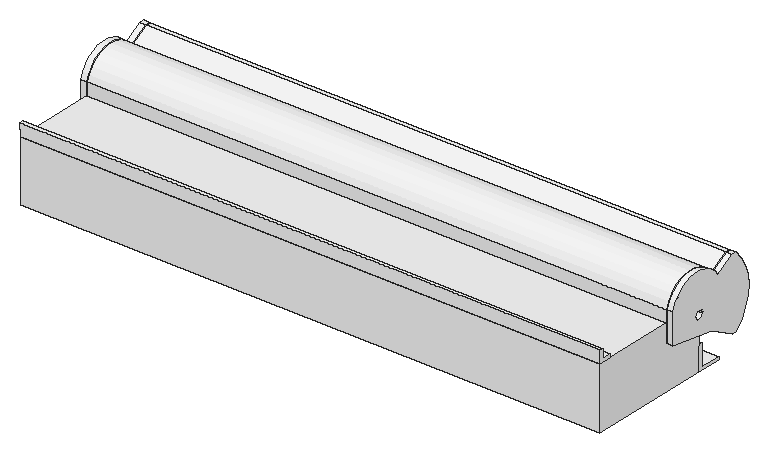
Revit family "SAE201", category Lighting Fixtures, host Face, Revit 2021
Family settings
  Host = Face
  Round Connector Dimension = Use Diameter
  Part Type = Normal
  OmniClass Number = 23.80.70.11.14.17
  OmniClass Title = Direct/Indirect
  Cut with Voids When Loaded = No
  Light Source = No
  Shared = Yes
  Room Calculation Point = No
Parameters (values of type "SAE201-01")
  zz Length 2 = 12.000"
  zz Length 1 = zz Length 2 - 1.000" / 4  # 11.750"
  zz Angle 1 = if(Angle Tilt < 0.50°, 0.50°, if(Angle Tilt > 89.50°, 89.50°, Angle Tilt))  # 89.50°
  Warranty = "5 years warranty"  # constant formula
  Type Comments = "Lighting Fixture"  # constant formula
  Power Factor = 1
  Mounting = "Concealed Cove"  # constant formula
  Voltage = 120 V
  Wattage Comments = ""
  URL = "https://www.currentlighting.com/litecontrol"
  Product Page URL = ""
  Product Documentation Link = ""
  Model = "SAE201 Adjustable Concealed Cove"  # constant formula
  Manufacturer = "Litecontrol"  # constant formula
  Load Classification = Lighting
  Light Distribution = "Asymmetric Indirect"  # constant formula
  Lamp = "Fluorescent"  # constant formula
  Glass = White Glass
  Description = "SAE201 is a versatile, concealed, architectural cove light with the flexibility to adjust beam angle pre or post installation"  # constant formula
  Default Elevation = 48.000"
  Copyright = "Copyright © Litecontrol"  # constant formula
  Contact Us = ""
  Backbox = Paint - Matte White
  Assembly Code = "D5020210"
  Apparent Load = 0 VA
  Angle option = MOD : 0 Degrees
  Angle Tilt = 90.00°
Types (5): name | zz Length 2 | zz Length 1 | zz Angle 1 | Angle Tilt
  (no name) | 12.000" | 11.750" | 89.50° | 90.00°
  SAE201-01 | 12.000" | 11.750" | 89.50° | 90.00°
  SAE201-02 | 24.000" | 23.750" | 89.50° | 90.00°
  SAE201-03 | 36.000" | 35.750" | 89.50° | 90.00°
  SAE201-04 | 48.000" | 47.750" | 0.50° | 0.00°
Reference planes (in)
  plane 1 "Center (Front/Back)": y = 0.03999
  plane 2: z = 0
  plane 3 "Center (Left/Right)": x = 1.66944
  plane 4: y = -1.21001
  plane 5: z = 1.14844
  plane 6: z = 2.4
  plane 7: y = 2.38999
  plane 8: y = 1.13218
Dimensions and locks (in)
  plane 6 to plane 2 = 2.400"
  plane 4 to plane 7 = 3.600"
  "zz Angle 1": angle nested 2 to plane 8
  aligned and locked: plane 2 to host face
  aligned and locked: level to host face
  aligned and locked: nested 1 to plane 3 "Center (Left/Right)"
  aligned and locked: nested 1 to plane 1 "Center (Front/Back)"
  aligned and locked: plane 4 to nested 1
  aligned and locked: plane 5 to nested 2
  aligned and locked: nested 2 to plane 3 "Center (Left/Right)"
Automatic sketch dimensions
  host sketch curve to host sketch curve = 96.000"  (x2)
Nested families (in)
  nested 1: "Housing" at (-0.37823, 0.07998, 0) x (-1, 0, 0) z (0, 0, 1), Glass <- "Glass", Backbox <- "Backbox", Row Length <- "zz Length 1", type "Housing"
    with Row Length 11.750", Glass White Glass, Backbox Paint - Matte White
  nested 2: "MOD" at (-4.33056, 1.13218, 1.14844) x (0, 0.0087, -1) z (1, 0, 0), type <- "Angle option", type "0 Degrees"
Connectors (in)
  electrical at (1.66944, 0.03999, 0), driven by "Load Classification", driven by "Voltage", driven by "Apparent Load", driven by "Power Factor"
    settings: on nested 1, index 1, voltage 120 V, apparent load 0 VA, apparent load phase1 0 VA, apparent load phase2 0 VA, apparent load phase3 0 VA, power factor 1, load classification "Lighting", number of poles 1, system type 30, power factor state 1, is connector primary yes, connector utility no, sub classification motor no, connector description "Electrical Connector"
Definition of nested family "Housing"
  Parameters
    Wattage Comments = ""
    URL = ""
    Row Length [instance] = 48.000"
    Model = ""
    Manufacturer = ""
    Lamp = ""
    Glass [instance] = none
    Description = ""
    Default Elevation = 48.000"
    Backbox [instance] = none
  Reference planes (in)
    plane 1 "Center (Front/Back)": y = 0.03999
    plane 2: z = 0
    plane 3 "Center (Left/Right)": x = -2.04767
    plane 4: x = -26.04767
    plane 5: x = 21.95233
    plane 6: z = 1.25
    plane 7: y = 1.28999
    plane 8: y = -1.21001
    plane 9: y = -1.71001
    plane 10: z = 1.5
  Forms (in)
    Extrusion 1, solid
      sketch origin (0, 0, 0.06357) x (1, 0, 0) y (0, 1, 0)
        loop
          line (-48, 48) -> (-48, -48) -> (48, -48) -> (48, 48) -> (-48, 48)
      from -0.06357 to -17.74365
    Extrusion 2, solid, material <- "Backbox"
      sketch origin (-2.04767, 0, 0) x (0, 1, 0) y (0, 0, 1)
        loop
          line (1.28999, 1.25) -> (-1.21001, 1.25) -> (-1.21001, 0) -> (1.28999, 0) -> (1.28999, 1.25)
      from -24 to 24
    Extrusion 3, solid, material <- "Backbox"
      sketch origin (-2.04767, 0, 0) x (0, 1, 0) y (0, 0, 1)
        loop
          line (-1.21001, 0.5) -> (-1.27251, 0.5) -> (-1.27251, 0.0625) -> (-1.71001, 0.0625) -> (-1.71001, 0) -> (-1.21001, 0) -> (-1.21001, 0.5)
      from -24 to 24
    Extrusion 4, solid, material <- "Backbox"
      sketch origin (-2.04767, 0, 0) x (0, 1, 0) y (0, 0, 1)
        loop
          line (1.28999, 1.5) -> (1.22749, 1.5) -> (1.22749, 1.3125) -> (1.03999, 1.3125) -> (1.03999, 1.25) -> (1.28999, 1.25) -> (1.28999, 1.5)
      from -24 to 24
  Dimensions and locks (in)
    equal spacing: plane 5, plane 3 "Center (Left/Right)", plane 4
    "Row Length": plane 5 to plane 4
    equal spacing: plane 7, plane 1 "Center (Front/Back)", plane 8
    locked: plane 7 to plane 8 at 2.5
    locked: plane 6 to plane 2 at 1.25
    plane 7 to plane 9 = 3.000"
    plane 10 to plane 2 = 1.500"
    aligned and locked: plane 2 to Extrusion 1
    aligned and locked: plane 7 to Extrusion 2 sketch curve
    aligned and locked: Extrusion 2 sketch curve to plane 8
    aligned and locked: Extrusion 2 sketch curve to plane 6
    aligned and locked: plane 2 to Extrusion 2 sketch curve
    aligned and locked: Extrusion 2 to plane 4
    aligned and locked: plane 5 to Extrusion 2
    aligned and locked: plane 10 to Extrusion 4 sketch curve
    aligned and locked: Extrusion 3 to plane 4
    aligned and locked: plane 5 to Extrusion 3
    aligned and locked: plane 5 to Extrusion 4
    aligned and locked: Extrusion 4 to plane 4
  Automatic sketch dimensions
    Extrusion 1 sketch curve to Extrusion 1 sketch curve = 96.000"  (x2)
    Extrusion 3 sketch curve to plane 9 = 0.000"
    Extrusion 3 sketch curve to plane 8 = 0.000"
    Extrusion 3 sketch curve to level = 0.000"
    plane 8 to Extrusion 3 sketch curve = 0.0625"
    Extrusion 3 sketch curve to Extrusion 3 sketch curve = 0.0625"
    Extrusion 4 sketch curve to plane 6 = 0.000"
    Extrusion 4 sketch curve to plane 7 = 0.000"
    plane 7 to Extrusion 4 sketch curve = 0.0625"
    Extrusion 4 sketch curve to Extrusion 4 sketch curve = 0.0625"
    Extrusion 4 sketch curve to Extrusion 4 sketch curve = 0.1875"
    Extrusion 3 sketch curve to Extrusion 3 sketch curve = 0.4375"
Definition of nested family "MOD"
  Parameters
    zz Length 1 = 12.000"
    Wattage = 12.1178 W
    built-in parameter 1150110 = 1 (stored number, unit not read)
    built-in parameter 1114217 = 1 (stored number, unit not read)
    Tilt Angle = 90.00°
    built-in parameter 1150109 = 1 (stored number, unit not read)
    built-in parameter 1150134 = (empty or 0)
    built-in parameter 1150113 = 1 (stored number, unit not read)
    Photometric Web File = "SAE201-CC-AI-0202-C1-35K-I150-D01-1C-UNV-W1 (75 Degrees).ies"
    Lumens = 1800 lm
    built-in parameter 1150115 = 1 (stored number, unit not read)
    built-in parameter 1150105 = -1841400 (stored number, unit not read)
    built-in parameter 1150137 = (empty or 0)
    built-in parameter 1150139 = (empty or 0)
    built-in parameter 1150112 = 1 (stored number, unit not read)
    built-in parameter 1150114 = 1 (stored number, unit not read)
    built-in parameter 1150132 = 2
    built-in parameter 1150102 = (empty or 0)
    built-in parameter 1150138 = (empty or 0)
    built-in parameter 1150107 = 3000 (stored number, unit not read)
    built-in parameter 1150106 = -18414 (stored number, unit not read)
    Housing = none
    Glass = none
    Emit from Rectangle Width = zz Length 1 - 1.000"  # 11.000"
    Emit from Rectangle Length = 1.000"  # constant formula
    Emit Shape Visible in Rendering = no
    built-in parameter 1150104 = 13.8 (stored number, unit not read)
    Dimming Lamp Color Temperature Shift = (empty or 0)
    Default Elevation = 48.000"
    Color Filter = 16777215
    built-in parameter 1114218 = 1 (stored number, unit not read)
    built-in parameter 1150133 = 10 (stored number, unit not read)
  Reference planes (in)
    plane 1 "Light Source Axis (F/B)": y = 0
    plane 2: z = 0
    plane 3 "Light Source Axis (L/R)": x = 0
    plane 4 "Light Source Elevation": z = 6
    plane 5: z = 0.125
    plane 6: z = 12
    plane 7: z = 11.875
  Forms (in)
    Extrusion 1, solid, material <- "Housing"
      sketch origin (0, 0, 0) x (1, 0, 0) y (0, 1, 0)
        loop
          line (0.26004, -0.65641) -> (0.43368, 0.3284) -> (0.72068, 0.84615) -> (0.72068, 0.94134)
          arc (0.72068, 0.94134) -> (0, 1.25219) -> (-0.72068, 0.94134) r 0.99086
          line (-0.72068, 0.94134) -> (-0.72068, 0.84615) -> (-0.51842, 0.48126)
          arc (-0.51842, 0.48126) -> (-0.7974, -0.14078) -> (-0.35143, -0.65641) r 0.6343
          line (-0.35143, -0.65641) -> (0.26004, -0.65641)
        loop
          circle (0, 0) r 0.09088
      from 0 to 0.125
    Extrusion 2, solid, material <- "Housing"
      sketch origin (0, 0, 0.25) x (0, -1, 0) y (1, 0, 0)
        loop
          line (0.65641, 0.26004) -> (-0.3284, 0.43368) -> (-0.84615, 0.72068) -> (-0.94134, 0.72068) -> (-0.94134, 0.6593) -> (-0.80508, 0.6593) -> (-0.80508, -0.6593) -> (-0.94134, -0.6593) -> (-0.94134, -0.72068) -> (-0.84615, -0.72068) -> (-0.48126, -0.51842)
          arc (-0.48126, -0.51842) -> (0.14078, -0.7974) -> (0.65641, -0.35143) r 0.6343
          line (0.65641, -0.35143) -> (0.65641, 0.26004)
        loop
          circle (0, 0) r 0.09088
      from -0.125 to 11.625
    Extrusion 3, solid, material <- "Housing"
      sketch origin (0, 0, 56.5) x (0, -1, 0) y (1, 0, 0)
        loop
          line (0.65641, 0.26004) -> (-0.3284, 0.43368) -> (-0.84615, 0.72068) -> (-0.94134, 0.72068)
          arc (-0.94134, 0.72068) -> (-1.25219, 0) -> (-0.94134, -0.72068) r 0.99086
          line (-0.94134, -0.72068) -> (-0.84615, -0.72068) -> (-0.48126, -0.51842)
          arc (-0.48126, -0.51842) -> (0.14078, -0.7974) -> (0.65641, -0.35143) r 0.6343
          line (0.65641, -0.35143) -> (0.65641, 0.26004)
        loop
          circle (0, 0) r 0.09088
      from -44.625 to -44.5
    Extrusion 4, solid, material <- "Glass"
      sketch origin (0, 0, 0) x (1, 0, 0) y (0, 1, 0)
        loop
          arc (0.72068, 0.94134) -> (0, 1.25219) -> (-0.72068, 0.94134) r 0.99086
          line (-0.72068, 0.94134) -> (-0.6593, 0.94134) -> (-0.6593, 0.80508) -> (0.6593, 0.80508) -> (0.6593, 0.94134) -> (0.72068, 0.94134)
      from 0.125 to 11.875
  Lines and regions (in)
    reference lines
      curve 1: line (0, 0, 0) -> (0, 3, 0)
  Dimensions and locks (in)
    locked: plane 5 to plane 2 at 0.125
    locked: plane 6 to plane 7 at 0.125
    equal spacing: plane 6, plane 4 "Light Source Elevation", plane 2
    "zz Length 1": plane 6 to plane 2
    aligned and locked: level to plane 2
    aligned and locked: plane 5 to Extrusion 1
    aligned and locked: Extrusion 2 to plane 5
    aligned and locked: plane 7 to Extrusion 2
    aligned and locked: Extrusion 3 to plane 7
    aligned and locked: plane 6 to Extrusion 3
    aligned and locked: plane 7 to Extrusion 4
    aligned and locked: Extrusion 4 to plane 5
    aligned and locked: imposter light to plane 4 "Light Source Elevation"
  Automatic sketch dimensions
    plane 1 "Light Source Axis (F/B)" to Extrusion 1 sketch curve = 0.000"
    Extrusion 1 sketch curve to plane 3 "Light Source Axis (L/R)" = 0.000"  (x2)
    plane 1 "Light Source Axis (F/B)" to Extrusion 1 sketch curve = 0.04866"
    Extrusion 1 sketch curve to plane 3 "Light Source Axis (L/R)" = 0.16982"
    Extrusion 1 sketch curve to plane 3 "Light Source Axis (L/R)" = 0.35143"
    Extrusion 1 sketch curve to plane 3 "Light Source Axis (L/R)" = 0.51842"
    Extrusion 1 sketch curve to Extrusion 1 sketch curve = 0.20226"
    plane 3 "Light Source Axis (L/R)" to Extrusion 1 sketch curve = 0.26004"
    plane 3 "Light Source Axis (L/R)" to Extrusion 1 sketch curve = 0.43368"
    Extrusion 1 sketch curve to Extrusion 1 sketch curve = 0.287"
    plane 1 "Light Source Axis (F/B)" to Extrusion 1 sketch curve = 0.65641"
    Extrusion 1 sketch curve to plane 1 "Light Source Axis (F/B)" = 0.26133"
    Extrusion 1 sketch curve to plane 1 "Light Source Axis (F/B)" = 0.3284"
    Extrusion 1 sketch curve to Extrusion 1 sketch curve = 0.51776"
    Extrusion 1 sketch curve to Extrusion 1 sketch curve = 0.36489"
    Extrusion 1 sketch curve to Extrusion 1 sketch curve = 0.09519"
    Extrusion 3 sketch curve to plane 3 "Light Source Axis (L/R)" = 0.000"  (x2)
    plane 1 "Light Source Axis (F/B)" to Extrusion 3 sketch curve = 0.000"
    Extrusion 3 sketch curve to plane 1 "Light Source Axis (F/B)" = 0.26133"
    Extrusion 3 sketch curve to plane 1 "Light Source Axis (F/B)" = 0.3284"
    Extrusion 3 sketch curve to plane 1 "Light Source Axis (F/B)" = 0.48126"
    Extrusion 3 sketch curve to Extrusion 3 sketch curve = 0.36489"
    Extrusion 3 sketch curve to Extrusion 3 sketch curve = 0.51776"
    Extrusion 3 sketch curve to Extrusion 3 sketch curve = 0.09519"  (x2)
    plane 1 "Light Source Axis (F/B)" to Extrusion 3 sketch curve = 0.04866"
    Extrusion 3 sketch curve to plane 3 "Light Source Axis (L/R)" = 0.35143"
    Extrusion 3 sketch curve to Extrusion 3 sketch curve = 0.60775"
    Extrusion 3 sketch curve to plane 3 "Light Source Axis (L/R)" = 0.51842"
    Extrusion 3 sketch curve to Extrusion 3 sketch curve = 0.20226"
    plane 3 "Light Source Axis (L/R)" to Extrusion 3 sketch curve = 0.26004"
    plane 3 "Light Source Axis (L/R)" to Extrusion 3 sketch curve = 0.43368"
    plane 1 "Light Source Axis (F/B)" to Extrusion 2 sketch curve = 0.000"
    Extrusion 2 sketch curve to plane 3 "Light Source Axis (L/R)" = 0.000"
    Extrusion 2 sketch curve to plane 1 "Light Source Axis (F/B)" = 0.3284"
    Extrusion 2 sketch curve to plane 1 "Light Source Axis (F/B)" = 0.48126"
    Extrusion 2 sketch curve to Extrusion 2 sketch curve = 0.32382"
    Extrusion 2 sketch curve to Extrusion 2 sketch curve = 0.04107"  (x2)
    Extrusion 2 sketch curve to Extrusion 2 sketch curve = 0.09519"  (x2)
    plane 1 "Light Source Axis (F/B)" to Extrusion 2 sketch curve = 0.04866"
    plane 3 "Light Source Axis (L/R)" to Extrusion 2 sketch curve = 0.26004"
    plane 1 "Light Source Axis (F/B)" to Extrusion 2 sketch curve = 0.65641"
    Extrusion 2 sketch curve to plane 3 "Light Source Axis (L/R)" = 0.16982"
    Extrusion 2 sketch curve to plane 3 "Light Source Axis (L/R)" = 0.35143"
    Extrusion 2 sketch curve to Extrusion 2 sketch curve = 0.14088"
    Extrusion 2 sketch curve to Extrusion 2 sketch curve = 0.06138"  (x2)
    plane 3 "Light Source Axis (L/R)" to Extrusion 2 sketch curve = 0.43368"
    Extrusion 2 sketch curve to Extrusion 2 sketch curve = 0.22562"
    Extrusion 4 sketch curve to plane 3 "Light Source Axis (L/R)" = 0.000"
    Extrusion 4 sketch curve to plane 3 "Light Source Axis (L/R)" = 0.72068"
    Extrusion 4 sketch curve to plane 1 "Light Source Axis (F/B)" = 0.26133"
    Extrusion 4 sketch curve to plane 1 "Light Source Axis (F/B)" = 0.94134"
    Extrusion 4 sketch curve to Extrusion 4 sketch curve = 0.06138"  (x2)
    plane 3 "Light Source Axis (L/R)" to Extrusion 4 sketch curve = 0.72068"
    Extrusion 4 sketch curve to Extrusion 4 sketch curve = 0.13626"
    curve 1 to plane 3 "Light Source Axis (L/R)" = 0.000"
    plane 1 "Light Source Axis (F/B)" to curve 1 = 0.000"
    curve 1 to plane 1 "Light Source Axis (F/B)" = 3.000"
    radius of Extrusion 1 sketch curve = 0.09088"
    radius of Extrusion 3 sketch curve = 0.09088"
    radius of Extrusion 2 sketch curve = 0.09088"
